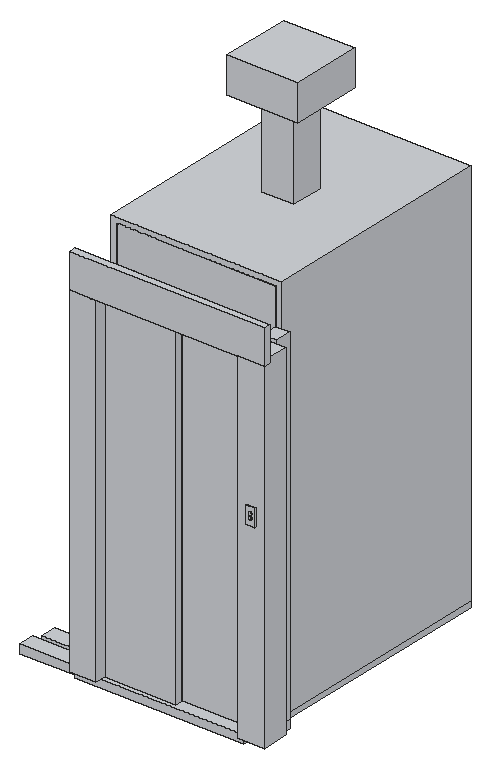
Revit family "Elevador", category Equipamento especial, Revit 2019 (continued)
Definition of nested family "Cabine do elevador"
  Automatic sketch dimensions
    Masking region 14 sketch curve to Masking region 14 sketch curve = 1086 mm
    Masking region 15 sketch curve to Masking region 15 sketch curve = 259 mm
    Masking region 15 sketch curve to Masking region 15 sketch curve = 1086 mm
    Masking region 16 sketch curve to Masking region 16 sketch curve = 8 mm
    Masking region 16 sketch curve to Masking region 16 sketch curve = 0 mm  (x5)
    Masking region 16 sketch curve to Masking region 16 sketch curve = 27 mm  (x3)
    Masking region 16 sketch curve to Masking region 16 sketch curve = 32.65 mm
    Masking region 16 sketch curve to Masking region 16 sketch curve = 30 mm
    Masking region 16 sketch curve to Masking region 16 sketch curve = 9.35 mm  (x2)
    Masking region 16 sketch curve to Masking region 16 sketch curve = 9 mm  (x3)
    Masking region 16 sketch curve to Masking region 16 sketch curve = 5 mm  (x2)
    Masking region 16 sketch curve to Masking region 16 sketch curve = 8.5 mm  (x2)
    Masking region 16 sketch curve to Masking region 16 sketch curve = 17.5 mm
    Masking region 16 sketch curve to Masking region 16 sketch curve = 30.5 mm  (x2)
    Masking region 16 sketch curve to Masking region 16 sketch curve = 6 mm  (x2)
    Masking region 16 sketch curve to Masking region 16 sketch curve = 36.5 mm
    Masking region 17 sketch curve to Masking region 17 sketch curve = 5 mm  (x2)
    Masking region 17 sketch curve to Masking region 17 sketch curve = 8.5 mm  (x2)
    Masking region 17 sketch curve to Masking region 17 sketch curve = 17.5 mm
    Masking region 17 sketch curve to Masking region 17 sketch curve = 30.5 mm  (x2)
    Masking region 17 sketch curve to Masking region 17 sketch curve = 6 mm  (x2)
    Masking region 17 sketch curve to Masking region 17 sketch curve = 9 mm  (x3)
    Masking region 17 sketch curve to Masking region 17 sketch curve = 27 mm  (x3)
    Masking region 17 sketch curve to Masking region 17 sketch curve = 36.5 mm
    Masking region 17 sketch curve to Masking region 17 sketch curve = 0 mm  (x5)
    Masking region 17 sketch curve to Masking region 17 sketch curve = 8 mm
    Masking region 17 sketch curve to Masking region 17 sketch curve = 32.65 mm
    Masking region 17 sketch curve to Masking region 17 sketch curve = 30 mm
    Masking region 17 sketch curve to Masking region 17 sketch curve = 9.35 mm  (x2)
    Masking region 18 sketch curve to Masking region 18 sketch curve = 8 mm
    Masking region 18 sketch curve to Masking region 18 sketch curve = 0 mm  (x5)
    Masking region 18 sketch curve to Masking region 18 sketch curve = 27 mm  (x3)
    Masking region 18 sketch curve to Masking region 18 sketch curve = 32.65 mm
    Masking region 18 sketch curve to Masking region 18 sketch curve = 30 mm
    Masking region 18 sketch curve to Masking region 18 sketch curve = 9.35 mm  (x2)
    Masking region 18 sketch curve to Masking region 18 sketch curve = 9 mm  (x3)
    Masking region 18 sketch curve to Masking region 18 sketch curve = 5 mm  (x2)
    Masking region 18 sketch curve to Masking region 18 sketch curve = 8.5 mm  (x2)
    Masking region 18 sketch curve to Masking region 18 sketch curve = 17.5 mm
    Masking region 18 sketch curve to Masking region 18 sketch curve = 30.5 mm  (x2)
    Masking region 18 sketch curve to Masking region 18 sketch curve = 6 mm  (x2)
    Masking region 18 sketch curve to Masking region 18 sketch curve = 36.5 mm
    Masking region 19 sketch curve to Masking region 19 sketch curve = 5 mm  (x2)
    Masking region 19 sketch curve to Masking region 19 sketch curve = 8.5 mm  (x2)
    Masking region 19 sketch curve to Masking region 19 sketch curve = 17.5 mm
    Masking region 19 sketch curve to Masking region 19 sketch curve = 30.5 mm  (x2)
    Masking region 19 sketch curve to Masking region 19 sketch curve = 6 mm  (x2)
    Masking region 19 sketch curve to Masking region 19 sketch curve = 9 mm  (x3)
    Masking region 19 sketch curve to Masking region 19 sketch curve = 27 mm  (x3)
    Masking region 19 sketch curve to Masking region 19 sketch curve = 36.5 mm
    Masking region 19 sketch curve to Masking region 19 sketch curve = 0 mm  (x5)
    Masking region 19 sketch curve to Masking region 19 sketch curve = 8 mm
    Masking region 19 sketch curve to Masking region 19 sketch curve = 32.65 mm
    Masking region 19 sketch curve to Masking region 19 sketch curve = 30 mm
    Masking region 19 sketch curve to Masking region 19 sketch curve = 9.35 mm  (x2)
    curve 163 to plane 36 = 0 mm
    plane 48 to curve 151 = 0 mm
    curve 89 to plane 20 = 307.807 mm
    plane 51 to curve 149 = 0.867 mm
    plane 51 to curve 150 = 0.867 mm
    curve 15 to plane 12 = 0 mm
    curve 309 to plane 31 = 0 mm
    Extrusion 3 sketch curve to plane 9 = 0 mm
    Extrusion 5 sketch curve to plane 9 = 0 mm
    Extrusion 7 sketch curve to plane 8 = 0 mm
    Extrusion 7 sketch curve to level = 0 mm
    curve 168 to curve 182 = 26 mm
    curve 173 to curve 318 = 57.006 mm
    curve 171 to curve 316 = 57.006 mm
    curve 320 to curve 179 = 14.494 mm
    curve 179 to curve 321 = 14.506 mm
    curve 171 to curve 313 = 14.506 mm
    curve 320 to curve 181 = 6 mm
    curve 313 to curve 314 = 12 mm
    curve 321 to curve 322 = 12 mm
    curve 322 to curve 179 = 14.494 mm
    curve 175 to curve 325 = 14.506 mm
    curve 314 to curve 310 = 29 mm
    curve 319 to curve 183 = 35.994 mm
    curve 176 to curve 169 = 20 mm
    curve 169 to curve 166 = 50 mm
    curve 164 to curve 181 = 44.856 mm
    curve 166 to curve 170 = 50 mm
    curve 181 to curve 324 = 23.994 mm
    curve 318 to curve 324 = 7 mm
    curve 318 to curve 319 = 7 mm
    curve 170 to curve 174 = 47 mm
    curve 175 to curve 323 = 28.04 mm
    curve 322 to curve 179 = 11.96 mm
    curve 179 to curve 180 = 812 mm
    curve 180 to curve 315 = 11.96 mm
    curve 314 to curve 178 = 28.04 mm
    curve 171 to curve 316 = 21.151 mm
    curve 312 to curve 317 = 0 mm
    curve 312 to curve 310 = 7 mm
    curve 177 to curve 168 = 47 mm
    curve 312 to curve 181 = 55.646 mm
    curve 168 to curve 165 = 50 mm
    curve 188 to curve 202 = 26 mm
    curve 193 to curve 334 = 57.006 mm
    curve 191 to curve 332 = 57.006 mm
    curve 336 to curve 199 = 14.494 mm
    curve 199 to curve 337 = 14.506 mm
    curve 191 to curve 329 = 14.506 mm
    curve 336 to curve 201 = 6 mm
    curve 329 to curve 330 = 12 mm
    curve 337 to curve 338 = 12 mm
    curve 338 to curve 199 = 14.494 mm
    curve 195 to curve 341 = 14.506 mm
    curve 330 to curve 326 = 29 mm
    curve 335 to curve 203 = 35.994 mm
    curve 196 to curve 189 = 20 mm
    curve 189 to curve 186 = 50 mm
    curve 184 to curve 201 = 44.856 mm
    curve 186 to curve 190 = 50 mm
    curve 201 to curve 340 = 23.994 mm
    curve 334 to curve 340 = 7 mm
    curve 334 to curve 335 = 7 mm
    curve 190 to curve 194 = 47 mm
    curve 195 to curve 339 = 28.04 mm
    curve 338 to curve 199 = 11.96 mm
    curve 199 to curve 200 = 812 mm
    curve 200 to curve 331 = 11.96 mm
    curve 330 to curve 198 = 28.04 mm
    curve 191 to curve 332 = 21.151 mm
    curve 328 to curve 333 = 0 mm
    curve 328 to curve 326 = 7 mm
    curve 197 to curve 188 = 47 mm
    curve 328 to curve 201 = 55.646 mm
    curve 188 to curve 185 = 50 mm
    radius of Masking region 4 sketch curve = 365 mm
    radius of Masking region 8 sketch curve = 365 mm
Definition of nested family "Porta do elevador"
  Parameters (values of type "Porta do elevador")
    W1 [instance] = 0.5 * Largura da abertura da porta - 75 mm  # 475 mm
    Keynote = ""
    Material da moldura = none
    Largura da abertura da porta [instance] = 1100 mm
    Altura da abertura da porta [instance] = 2125 mm
    Material da porta = none
    Description = "Porta do elevador"
    Material do painel de controle = none
  Reference planes
    plane 1: y = 0
    plane 2 "Centro (Esquerda/Direita)": x = 125
    plane 3 "Parte posterior": y = 75
    plane 4: z = 0
    plane 5: x = -425
    plane 6: x = 675
    plane 7: z = 2125
    plane 8: x = -275
    plane 9: x = 525
    plane 10: y = 185
    plane 11: y = 95
    plane 12: y = 35
    plane 13: z = 1960
    plane 14: x = -750
    plane 15: z = -48
    plane 16: y = 165
    plane 17: y = 115
    plane 18: z = 1100
    plane 19: z = 1930
    plane 20: x = 600
  Forms (mm)
    Extrusion 1, solid, material <- "Material da moldura", detail levels coarse
      sketch origin (0, 0, 0) x (1, 0, 0) y (0, 1, 0)
        loop
          line (525, 185) -> (525, 35) -> (675, 35) -> (675, 185) -> (525, 185)
        loop
          line (-425, 95) -> (-425, 35) -> (-275, 35) -> (-275, 95) -> (-425, 95)
      from 0 to 1960
    Extrusion 2, solid, material <- "Material da moldura", detail levels coarse
      sketch origin (0, 75, 0) x (1, 0, 0) y (0, 0, 1)
        loop
          line (675, 2125) -> (-425, 2125) -> (-425, 1930) -> (675, 1930) -> (675, 2125)
      from 0 to 40
    Extrusion 3, solid, material <- "Material da porta"
      sketch origin (675, 185, 4000) x (1, 0, 0) y (0, 0, 1)
        loop
          line (-150, -2040) -> (-550, -2040) -> (-550, -4000) -> (-150, -4000) -> (-150, -2040)
      from 0 to 40
    Extrusion 4, solid, material <- "Material da porta"
      sketch origin (-750, 95, 4000) x (-1, 0, 0) y (0, 0, 1)
        loop
          line (-875, -2040) -> (-875, -4000) -> (-475, -4000) -> (-475, -2040) -> (-875, -2040)
      from 0 to 40
    Extrusion 5, solid, material <- "Material da moldura", detail levels medium+fine
      sketch origin (0, 0, 0) x (1, 0, 0) y (0, 1, 0)
        loop
          line (-750, 185) -> (-750, 95) -> (-425, 95) -> (-425, 75) -> (525, 75) -> (525, 185) -> (-750, 185)
      from -48 to 0
    Extrusion 6, solid, material <- "Material da moldura", detail levels medium+fine
      sketch origin (0, 0, 0) x (1, 0, 0) y (0, 1, 0)
        loop
          line (525, 185) -> (525, 35) -> (675, 35) -> (675, 185) -> (525, 185)
        loop
          line (-425, 95) -> (-425, 35) -> (-275, 35) -> (-275, 95) -> (-425, 95)
      from 0 to 1960
    Extrusion 7, solid, material <- "Material da moldura", detail levels medium+fine
      sketch origin (0, 75, 0) x (1, 0, 0) y (0, 0, 1)
        loop
          line (675, 2125) -> (-425, 2125) -> (-425, 1930) -> (675, 1930) -> (675, 2125)
      from 0 to 40
    Extrusion 8, void
      sketch origin (0, 0, 0) x (1, 0, 0) y (0, 1, 0)
        loop
          line (-425, 75) -> (-425, 35) -> (-275, 35) -> (-275, 75) -> (-425, 75)
        loop
          line (525, 75) -> (525, 35) -> (675, 35) -> (675, 75) -> (525, 75)
      from 1930 to 1960
  Cuts and joins
    Extrusion 8 cuts Extrusion 1
    joined: Extrusion 1, Extrusion 2
    Extrusion 8 cuts Extrusion 6
  Lines and regions (mm)
    Opening 1
      outline origin (-5000, -75, 0) x (1, 0, 0) y (0, 0, 1)
        loop
          line (5675, 2125) -> (4575, 2125) -> (4575, 0) -> (5675, 0) -> (5675, 2125)
    Masking region 1, detail levels medium+fine
      outline origin (0, 0, 0) x (1, 0, 0) y (0, 1, 0)
        loop
          line (-750, 185) -> (-750, 95) -> (-425, 95) -> (-425, 35) -> (-275, 35) -> (-275, 75) -> (525, 75) -> (525, 35) -> (675, 35) -> (675, 185) -> (-750, 185)
    Masking region 2, detail levels coarse
      outline origin (0, 0, 0) x (1, 0, 0) y (0, 1, 0)
        loop
          line (-425, 75) -> (-425, -75) -> (675, -75) -> (675, 75) -> (-425, 75)
    symbolic lines, detail levels medium+fine
      curve 1: line (-275, 135, 0) -> (125, 135, 0)
      curve 2: line (125, 135, 0) -> (125, 95, 0)
      curve 3: line (-275, 95, 0) -> (125, 95, 0)
      curve 4: line (-275, 95, 0) -> (-275, 135, 0)
      curve 5: line (125, 145, 0) -> (525, 145, 0)
      curve 6: line (525, 185, 0) -> (125, 185, 0)
      curve 7: line (125, 185, 0) -> (125, 145, 0)
      curve 8: line (525, 185, 0) -> (675, 185, 0)
      curve 9: line (675, 185, 0) -> (675, 35, 0)
      curve 10: line (675, 35, 0) -> (525, 35, 0)
      curve 11: line (525, 35, 0) -> (525, 185, 0)
      curve 12: line (-275, 95, 0) -> (-425, 95, 0)
      curve 13: line (-425, 95, 0) -> (-425, 35, 0)
      curve 14: line (-425, 35, 0) -> (-275, 35, 0)
      curve 15: line (-275, 35, 0) -> (-275, 95, 0)
      curve 18: line (125, 185, 0) -> (-750, 185, 0)
      curve 19: line (-750, 185, 0) -> (-750, 95, 0)
      curve 20: line (-750, 95, 0) -> (-425, 95, 0)
      curve 21: line (-275, 75, 0) -> (525, 75, 0)
      curve 22: line (125, 95, 0) -> (525, 95, 0)
    symbolic lines, detail levels fine
      curve 16: line (125, 165, 0) -> (-750, 165, 0)
      curve 17: line (-275, 115, 0) -> (-750, 115, 0)
    symbolic lines, detail levels coarse
      curve 23: line (-425, 75, 0) -> (675, 75, 0)
      curve 24: line (675, -75, 0) -> (-425, -75, 0)
      curve 25: line (-425, 75, 0) -> (-425, -75, 0)
      curve 26: line (675, 75, 0) -> (675, -75, 0)
  Text (mm)
    text "Lado da colocação" at (-2597.77, 916.262, 0), in view "Nível de referência"
    text "Lado da colocação" at (0, 1605.175, 2923.955), in view "Esquerda"
    text "Lado da colocação" at (0, 595.982, 3004.978), in view "Direita"
  Dimensions and locks
    locked: plane 3 "Parte posterior" to host wall at 0
    locked: plane 4 to level
    equal spacing: plane 5, plane 2 "Centro (Esquerda/Direita)", plane 6
    "Largura da abertura da porta": plane 5 to plane 6
    "Altura da abertura da porta": plane 4 to plane 7
    locked: plane 3 "Parte posterior" to plane 10 at 110
    locked: plane 3 "Parte posterior" to plane 11 at 20
    locked: plane 12 to plane 3 "Parte posterior" at 40
    equal spacing: plane 8, plane 2 "Centro (Esquerda/Direita)", plane 9
    "W1": plane 14 to plane 8
    locked: plane 4 to plane 15 at 48
    locked: plane 16 to plane 10 at 20
    locked: plane 17 to plane 11 at 20
    locked: plane 18 to plane 4 at 1100
    locked: Extrusion 3 to plane 10 at 40
    locked: Extrusion 4 to plane 11 at 40
    locked: plane 5 to plane 8 at 150
    locked: plane 13 to plane 19 at 30
    equal spacing: plane 6, plane 20, plane 9
    locked: plane 7 to plane 13 at 165
    aligned and locked: plane 1 to host wall
    aligned and locked: Opening 1 sketch curve to level
    aligned and locked: Opening 1 sketch curve to plane 5
    aligned and locked: plane 7 to Opening 1 sketch curve
    aligned and locked: Opening 1 sketch curve to plane 6
    aligned and locked: Extrusion 1 sketch curve to plane 11
    aligned and locked: plane 8 to Extrusion 1 sketch curve
    aligned and locked: plane 12 to Extrusion 1 sketch curve  (x2)
    aligned and locked: plane 5 to Extrusion 1 sketch curve
    aligned and locked: plane 10 to Extrusion 1 sketch curve
    aligned and locked: Extrusion 1 sketch curve to plane 6
    aligned and locked: plane 9 to Extrusion 1 sketch curve
    aligned and locked: Extrusion 2 sketch curve to host wall
    aligned and locked: host wall to Extrusion 2 sketch curve
    aligned and locked: Extrusion 2 sketch curve to Extrusion 1
    aligned and locked: plane 13 to Extrusion 3 sketch curve
    aligned and locked: plane 9 to Extrusion 3 sketch curve
    aligned and locked: Extrusion 3 sketch curve to level
    aligned and locked: Extrusion 3 sketch curve to plane 2 "Centro (Esquerda/Direita)"
    aligned and locked: Extrusion 3 to plane 10
    aligned and locked: Extrusion 3 to Extrusion 4 sketch curve
    aligned and locked: Extrusion 4 sketch curve to Extrusion 3
    aligned and locked: cut or joined group of Extrusion 1, Extrusion 2, Extrusion 8 to Extrusion 4 sketch curve
    aligned and locked: Extrusion 4 sketch curve to cut or joined group of Extrusion 1, Extrusion 2, Extrusion 8
    aligned and locked: plane 9 to Extrusion 5 sketch curve
    aligned and locked: plane 4 to Extrusion 5
    aligned and locked: Extrusion 5 to plane 15
    aligned and locked: plane 14 to Masking region 1 sketch curve
    aligned and locked: Masking region 1 sketch curve to plane 10
    aligned and locked: plane 6 to Masking region 1 sketch curve
    aligned and locked: Masking region 1 sketch curve to plane 11
    aligned and locked: Masking region 1 sketch curve to plane 5
    aligned and locked: Masking region 1 sketch curve to plane 12
    aligned and locked: Masking region 1 sketch curve to plane 8
    aligned and locked: plane 3 "Parte posterior" to Masking region 1 sketch curve
    aligned and locked: Masking region 1 sketch curve to plane 9
    aligned and locked: plane 14 to curve 19
    aligned and locked: curve 20 to plane 11
    aligned and locked: curve 3 to plane 11
    aligned and locked: curve 22 to plane 11
    aligned and locked: curve 18 to plane 10
    aligned and locked: plane 10 to curve 8
    aligned and locked: curve 13 to plane 5
    aligned and locked: curve 15 to plane 8
    aligned and locked: curve 2 to plane 2 "Centro (Esquerda/Direita)"
    aligned and locked: curve 7 to plane 2 "Centro (Esquerda/Direita)"
    aligned and locked: plane 9 to curve 11
    aligned and locked: curve 9 to plane 6
    aligned and locked: curve 4 to plane 8
    aligned and locked: curve 14 to plane 12
    aligned and locked: plane 3 "Parte posterior" to curve 21
    aligned and locked: plane 16 to curve 16
    aligned and locked: plane 17 to curve 17
    aligned and locked: plane 12 to curve 10
    aligned and locked: plane 3 "Parte posterior" to curve 23
    aligned and locked: curve 24 to host wall
    aligned and locked: Masking region 2 sketch curve to host wall  (x2)
    aligned and locked: Masking region 2 sketch curve to curve 24
    aligned and locked: Extrusion 6 sketch curve to Extrusion 5
    aligned and locked: Extrusion 6 sketch curve to curve 11
    aligned and locked: Extrusion 6 sketch curve to curve 9
    aligned and locked: curve 20 to Extrusion 6 sketch curve
    aligned and locked: Extrusion 6 sketch curve to curve 13
    aligned and locked: Extrusion 6 sketch curve to curve 14
    aligned and locked: Extrusion 6 sketch curve to curve 15
    aligned and locked: Extrusion 7 sketch curve to host wall
    aligned and locked: host wall to Extrusion 7 sketch curve
    aligned and locked: nested 1 to plane 18
    aligned and locked: plane 13 to Extrusion 6
    aligned and locked: plane 13 to Extrusion 1
    aligned and locked: Extrusion 7 to plane 19
    aligned and locked: Extrusion 2 to plane 19
    aligned and locked: Extrusion 8 sketch curve to cut or joined group of Extrusion 1, Extrusion 2, Extrusion 8  (x3)
    aligned and locked: Extrusion 8 sketch curve to host wall
    aligned and locked: Extrusion 8 sketch curve to curve 14
    aligned and locked: Extrusion 8 sketch curve to curve 15
    aligned and locked: Extrusion 5 to Extrusion 8 sketch curve
    aligned and locked: curve 9 to Extrusion 8 sketch curve
    aligned and locked: Extrusion 8 to Extrusion 1
    aligned and locked: Extrusion 8 to Extrusion 2
    aligned and locked: plane 20 to nested 1
    aligned and locked: curve 13 to curve 25
    aligned and locked: curve 9 to curve 26
  Automatic sketch dimensions
    plane 10 to Extrusion 5 sketch curve = 0 mm
    Extrusion 5 sketch curve to plane 14 = 0 mm
    Extrusion 5 sketch curve to host wall = 0 mm
    Extrusion 5 sketch curve to plane 5 = 0 mm
    Extrusion 5 sketch curve to plane 11 = 0 mm
    Masking region 1 sketch curve to plane 12 = 0 mm
    Extrusion 6 sketch curve to plane 12 = 0 mm
    Extrusion 7 sketch curve to plane 13 = 30 mm
    Masking region 2 sketch curve to host wall = 0 mm
    Extrusion 7 sketch curve to plane 5 = 0 mm
    Extrusion 2 sketch curve to plane 13 = 30 mm
    plane 17 to curve 2 = 20 mm
    curve 5 to plane 16 = 20 mm
  Nested families
    nested 1: "Painel de controle" at (600, 35, 1150) x (1, 0, 0) z (0, -1, 0), type "Painel de controle", detail levels fine
  Definition of nested family "Painel de controle"
    Parameters
      Material do painel = none
      Default Elevation = 1219.2 mm
      Assembly Code = ""
    Reference planes
      plane 1 "Centro (Frente/Trás)": y = 0
      plane 2: z = 0
      plane 3 "Centro (Esquerda/Direita)": x = 0
    Forms (mm)
      Extrusion 1, solid
        sketch origin (0, 0, 0) x (1, 0, 0) y (0, 1, 0)
          loop
            line (-1219.2, 1219.2) -> (-1219.2, -1219.2) -> (1219.2, -1219.2) -> (1219.2, 1219.2) -> (-1219.2, 1219.2)
        from 0 to -304.8
      Extrusion 2, solid, material <- "Material do painel"
        sketch origin (0, 0, 0) x (1, 0, 0) y (0, 1, 0)
          loop
            line (-25, 50) -> (-25, -50) -> (25, -50) -> (25, 50) -> (-25, 50)
        from 0 to 5
      Extrusion 3, solid, material <- "Material do painel"
        sketch origin (0, 0, 0) x (1, 0, 0) y (0, 1, 0)
          loop
            circle (0, 11.32) r 8.23
        from 0 to 6
      Extrusion 4, solid, material <- "Material do painel"
        sketch origin (0, 0, 0) x (1, 0, 0) y (0, 1, 0)
          loop
            circle (0, -11.32) r 8.23
        from 0 to 6
    Dimensions and locks
      aligned and locked: plane 2 to Extrusion 1
      aligned and locked: level to Extrusion 1
